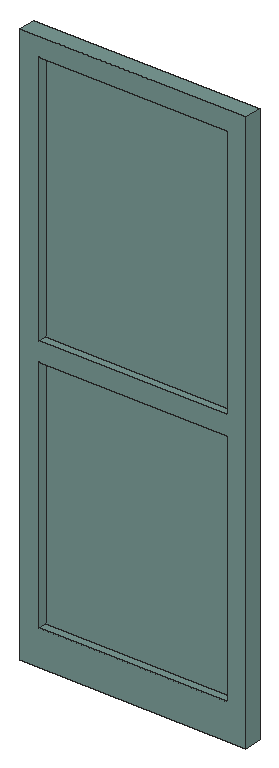
Revit family "WST_A3-Shutter(low-res)", category Generic Models, host Wall, Revit 2016
Family settings
  Host = Wall
  Part Type = Normal
  Can host rebar = No
  Round Connector Dimension = Use Diameter
  Always vertical = Yes
  Cut with Voids When Loaded = No
  Shared = No
  Room Calculation Point = No
Parameters (values of type "24" x 60" Shutters")
  Height = 5' - 0"
  Top Of Window = 7' - 0"
  Width = 2' - 0"
Types (4): name | Height | Width
  (no name) | 5' - 0" | 2' - 0"
  18" x 48" Shutters | 4' - 0" | 1' - 6"
  24" x 60" Shutters | 5' - 0" | 2' - 0"
  12" x 36" Shutters | 3' - 0" | 1' - 0"
Reference planes (in)
  plane 1: y = 0
  plane 2: y = 3.00482
  plane 3: x = -2.40699
  plane 4: z = 84
  plane 5: z = 24
  plane 6: x = -14.40699
  plane 7: x = 9.59301
  plane 8: z = 54
  plane 9: x = 7.59301
  plane 10: z = 27.75
  plane 11: x = -12.40699
  plane 12: z = 82
  plane 13: z = 55
  plane 14: z = 53
  plane 15: y = 4.75482
  plane 16: y = 3.875
Forms (in)
  Extrusion 1, solid
    sketch origin (-60, 3, 0) x (-1, 0, 0) y (0, 0, 1)
      loop
        line (-69.59301, 84) -> (-69.59301, 24) -> (-45.59301, 24) -> (-45.59301, 84) -> (-69.59301, 84)
      loop
        line (-67.59301, 82) -> (-67.59301, 55) -> (-47.59301, 55) -> (-47.59301, 82) -> (-67.59301, 82)
      loop
        line (-67.59301, 53) -> (-67.59301, 27.75) -> (-47.59301, 27.75) -> (-47.59301, 53) -> (-67.59301, 53)
    from 0 to 1.75
  Extrusion 2, solid
    sketch origin (-60, 4.75, 0) x (-1, 0, 0) y (0, 0, 1)
      loop
        line (-67.59301, 82) -> (-67.59301, 55) -> (-47.59301, 55) -> (-47.59301, 82) -> (-67.59301, 82)
      loop
        line (-67.59301, 53) -> (-67.59301, 27.75) -> (-47.59301, 27.75) -> (-47.59301, 53) -> (-67.59301, 53)
    from 0 to -0.875
Text (in)
  text "Placement Side" at (0, 40.15149, 123.01588), in view "Right"
  text "Placement Side" at (-46.64323, 13.40105, 0), in view "Ref. Level"
  text "Placement Side" at (0, 47.49176, 140.59947), in view "Left"
Dimensions and locks (in)
  host wall to plane 2 = 0' - 0.00482"
  "Top Of Window": level to plane 4
  equal spacing: plane 7, plane 3, plane 6
  "Width": plane 7 to plane 6
  "Height": plane 5 to plane 4
  equal spacing: plane 5, plane 8, plane 4
  locked: plane 5 to plane 10 at 3.75
  plane 12 to plane 4 = 0' - 2"
  locked: plane 7 to plane 9 at 2
  locked: plane 11 to plane 6 at 2
  equal spacing: plane 14, plane 8, plane 13
  locked: plane 14 to plane 13 at 2
  plane 2 to plane 16 to plane 15 = 0' - 0.87018" locked, 0' - 0.87982" locked
  aligned and locked: plane 7 to Extrusion 1 sketch curve
  aligned and locked: plane 4 to Extrusion 1 sketch curve
  aligned and locked: plane 5 to Extrusion 1 sketch curve
  aligned and locked: plane 6 to Extrusion 1 sketch curve
  aligned and locked: Extrusion 2 sketch curve to Extrusion 1  (x8)
  aligned and locked: plane 16 to Extrusion 2
Automatic sketch dimensions
  Extrusion 1 sketch curve to plane 9 = 0' - 0"  (x2)
  Extrusion 1 sketch curve to plane 11 = 0' - 0"  (x2)
  Extrusion 1 sketch curve to plane 10 = 0' - 0"
  Extrusion 1 sketch curve to plane 14 = 0' - 0"
  Extrusion 1 sketch curve to plane 13 = 0' - 0"
  Extrusion 1 sketch curve to plane 12 = 0' - 0"
